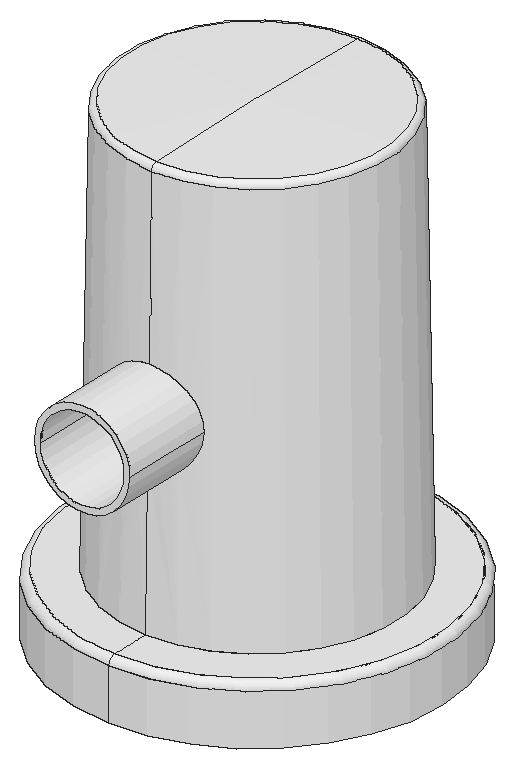
Revit family "Shower_Outlet_Elbow-GROHE-Rainshower-26184000", category Plumbing Fixtures, host Face, Revit 2019
Family settings
  Host = Face
  Round Connector Dimension = Use Diameter
  Part Type = Normal
  OmniClass Number = 23.45.05.14.17
  OmniClass Title = Showers
  Cut with Voids When Loaded = No
  Shared = Yes
  Room Calculation Point = No
Parameters (values of type "26184000")
  Width = 1 5/16"
  Waste Connection = no
  Warranty Documentation Link = "https://cdn.cloud.grohe.com/tpi/1000/1900/1940/1949/1949006/original/1949006.pdf"
  WFU = 2  # constant formula
  Vent Connection = no
  URL = "https://www.grohe.us/"
  Type Comments = ""
  Tempered Water Connection = yes
  Tempered Connection Radius = Tempered Connection Diameter / 2  # 1/4"
  Tempered Connection Diameter = 1/2"
  Revised Date = "04/26/2022"  # constant formula
  Product Page URL = "https://www.grohe.us/Hand-Showers-Accessories/Wall-Union/GROHE-CHROME-26184000"
  Product Documentation Link = "https://americanstandard.box.com/shared/static/c88qpuzu4j7arqq4xri1k4pe0canwh8c.pdf"
  Price = "Prices may vary. Please consult Manufacturer Representative for most up-to-date price list."  # constant formula
  Model = "26184000"
  Material = "Metal-Grohe-000-Chrome"
  Manufacturer = "Grohe"
  Length = 3 3/16"  # constant formula
  Installation Type = "Wall Mounted"
  Height = 2 1/2"
  HWFU = 1.5  # constant formula
  HW Connection = no
  Finish = Metal-Grohe-000-Chrome
  Description = "Rainshower Wall Union"
  Default Elevation = 0"  # constant formula
  Creation Date = "03/08/2017"  # constant formula
  CWFU = 1.5  # constant formula
  CW Connection = no
  Assembly Code = "D2010710"
  29035000 3-Way Diverter Rough-in Valve = no
Reference planes (in)
  plane 1 "Center (Front/Back)": y = 0
  plane 2: z = 0
  plane 3 "Center (Left/Right)": x = 0
  plane 4: x = -1.4375
  plane 5: x = 1.4375
  plane 6: x = -6
  plane 7: x = 1.9422
  plane 8: z = 2.5
  plane 9: y = 0.96875
  plane 10: y = -0.96875
  plane 11: z = 0.4515
  plane 12: z = 1.3125
  plane 13: z = 1.5625
  plane 14: z = 1.0625
  plane 15: through (-0.43815, -180, 2.45037) normal (0.9998, 0, -0.0175)
Forms (in)
  Revolve 1, solid, material "Metal-Grohe-000-Chrome" <- "Finish"
    sketch origin (0, 0, 0) x (0, 1, 0) y (0, 0, 1)
      loop
        arc (0.68806, 2.45775) -> (0.6789, 2.47957) -> (0.65724, 2.48907) r 0.03189
        arc (0.65724, 2.48907) -> (0.32866, 2.4973) -> (0, 2.50004) r 19.68504
        line (0, 2.50004) -> (0, 0) -> (0.96875, 0) -> (0.96875, 0.26732)
        arc (0.96875, 0.26732) -> (0.9571, 0.29544) -> (0.92899, 0.30709) r 0.03976
        line (0.92899, 0.30709) -> (0.7256, 0.30709) -> (0.68806, 2.45775)
      axis (0, 2.50004) -> (0, 0)
    angle from 0 to 360
  Extrusion 2, solid, material "Metal-Grohe-000-Chrome" <- "Finish"
    sketch origin (0, 0, 0) x (1, 0, 0) y (0, 0, 1)
      loop
        circle (0, 1.3125) r 0.25
      loop
        circle (0, 1.3125) r 0.21875
    from 0 to 1.14173
Cuts and joins
  joined: Revolve 1, Extrusion 2
Lines and regions (in)
  Masking region 1
    outline origin (0, 0, 0) x (1, 0, 0) y (0, 0, 1)
      loop
        line (0.96862, 0) -> (0.96862, 0.26515)
        arc (0.96862, 0.26515) -> (0.95634, 0.2948) -> (0.92668, 0.30709) r 0.04194
        line (0.92668, 0.30709) -> (0.7256, 0.30709) -> (0.68811, 2.45473)
        arc (0.68811, 2.45473) -> (0.67514, 2.48192) -> (0.64611, 2.48997) r 0.03632
        arc (0.64611, 2.48997) -> (0, 2.50001) -> (-0.64611, 2.48997) r 20.79104
        arc (-0.64611, 2.48997) -> (-0.67514, 2.48192) -> (-0.68811, 2.45473) r 0.03632
        line (-0.68811, 2.45473) -> (-0.7256, 0.30709) -> (-0.92668, 0.30709)
        arc (-0.92668, 0.30709) -> (-0.95634, 0.2948) -> (-0.96862, 0.26515) r 0.04194
        line (-0.96862, 0.26515) -> (-0.96862, 0) -> (0.96862, 0)
  symbolic lines, detail levels medium+fine
    curve 1: line (0.7256, 0, 0.30709) -> (-0.7256, 0, 0.30709)
    curve 2: arc (-0.25, 0, 1.3125) -> (0, 0, 1.0625) -> (0.25, 0, 1.3125) r 0.25
    curve 3: arc (0.25, 0, 1.3125) -> (0, 0, 1.5625) -> (-0.25, 0, 1.3125) r 0.25
  symbolic lines, detail levels fine
    curve 4: line (0, 0, 1.09375) -> (0.21875, 0, 1.3125)
    curve 5: line (0.21875, 0, 1.3125) -> (0, 0, 1.53125)
    curve 6: line (0, 0, 1.09375) -> (-0.21875, 0, 1.3125)
    curve 7: line (-0.21875, 0, 1.3125) -> (0, 0, 1.53125)
Dimensions and locks (in)
  equal spacing: plane 4, plane 3 "Center (Left/Right)", plane 5
  locked: plane 4 to plane 5 at 2.875
  plane 6 to plane 3 "Center (Left/Right)" = 6"
  locked: plane 3 "Center (Left/Right)" to plane 7 at 1.9422
  "Height": plane 8 to host face
  "Width": host face to plane 12
  equal spacing: plane 9, plane 1 "Center (Front/Back)", plane 10
  locked: plane 9 to plane 10 at 1.9375
  "Tempered Connection Diameter": diameter of Extrusion 2 sketch curve
  aligned and locked: plane 2 to host face
  aligned and locked: level to host face
  aligned and locked: plane 3 "Center (Left/Right)" to Extrusion 2 sketch curve
  aligned and locked: plane 12 to Extrusion 2 sketch curve
  aligned and locked: Extrusion 2 to plane 1 "Center (Front/Back)"
Automatic sketch dimensions
  host sketch curve to host sketch curve = 96"  (x2)
  Masking region 1 sketch curve to level = 0"
  Masking region 1 sketch curve to plane 3 "Center (Left/Right)" = 0"
  Masking region 1 sketch curve to plane 3 "Center (Left/Right)" = 0.65179"
  Masking region 1 sketch curve to plane 8 = 0.04527"  (x2)
  Masking region 1 sketch curve to Masking region 1 sketch curve = 0.03632"  (x2)
  Masking region 1 sketch curve to plane 11 = 0.14442"  (x2)
  plane 4 to Masking region 1 sketch curve = 0.7119"
  Masking region 1 sketch curve to Masking region 1 sketch curve = 0.20108"  (x2)
  Masking region 1 sketch curve to Masking region 1 sketch curve = 0.04194"  (x2)
  Masking region 1 sketch curve to plane 8 = 0.0459"
  plane 5 to Masking region 1 sketch curve = 0.7119"
  Masking region 1 sketch curve to level = 18.29102"
  Masking region 1 sketch curve to plane 8 = 0.01003"  (x2)
  Masking region 1 sketch curve to Masking region 1 sketch curve = 0.00568"
  curve 2 to curve 3 = 0"  (x2)
  curve 2 to plane 12 = 0"
  curve 7 to plane 12 = 0"
  curve 3 to plane 3 "Center (Left/Right)" = 0"
  curve 4 to plane 3 "Center (Left/Right)" = 0"
  curve 7 to plane 3 "Center (Left/Right)" = 0"
  curve 4 to plane 12 = 0"
  curve 6 to curve 2 = 7/32"
  curve 3 to curve 6 = 1/32"
  curve 1 to plane 11 = 0.14442"
  plane 4 to curve 1 = 0.7119"
  plane 5 to curve 1 = 0.7119"
  Revolve 1 sketch curve to level = 0"
  Revolve 1 sketch curve to plane 1 "Center (Front/Back)" = 0"  (x2)
  Revolve 1 sketch curve to plane 9 = 0"
  Revolve 1 sketch curve to plane 8 = 0.0428"
  plane 9 to Revolve 1 sketch curve = 0.31258"
  Revolve 1 sketch curve to plane 8 = 0.04225"
  Revolve 1 sketch curve to Revolve 1 sketch curve = 0.03188"
  Revolve 1 sketch curve to plane 11 = 0.14442"
  plane 9 to Revolve 1 sketch curve = 0.24315"
  plane 9 to Revolve 1 sketch curve = 0.03976"
  Revolve 1 sketch curve to Revolve 1 sketch curve = 17.185"
  plane 8 to Revolve 1 sketch curve = 0.00004"
  Revolve 1 sketch curve to Revolve 1 sketch curve = 0.88522"
  Revolve 1 sketch curve to Revolve 1 sketch curve = 1/2"
Connectors (in)
  piping at (0, 0, 0), diameter 0.5, driven by "Tempered Connection Diameter"
    settings: on cut or joined group of Revolve 1, Extrusion 2, index 1, connector inside diameter 24", connector length 0", flow factor 0, pipe flow 0 GPM, pressure drop 0.00 psi, fitting loss kfactor 0, connector angle 0.00°, fixture units 0, engagement length 0", angle of deflection 0.00°, flow configuration 0, flow direction 1, fitting loss method 0, system type 29, joint type 0, gender type 0, connector reference index -1, connector utility 0, adjustable connector no, is connector primary yes, connector description "1/2\" NPT Supply Inlet"
  piping at (0, -1.14173, 1.3125), diameter 0.5, driven by "Tempered Connection Diameter"
    settings: on cut or joined group of Revolve 1, Extrusion 2, index 2, connector inside diameter 24", connector length 0", flow factor 0, pipe flow 0 GPM, pressure drop 0.00 psi, fitting loss kfactor 0, connector angle 0.00°, fixture units 0, engagement length 0", angle of deflection 0.00°, flow configuration 0, flow direction 2, fitting loss method 0, system type 29, joint type 0, gender type 0, connector reference index -1, connector utility 0, adjustable connector no, is connector primary no, connector description "1/2\" NPT Supply Outlet"
